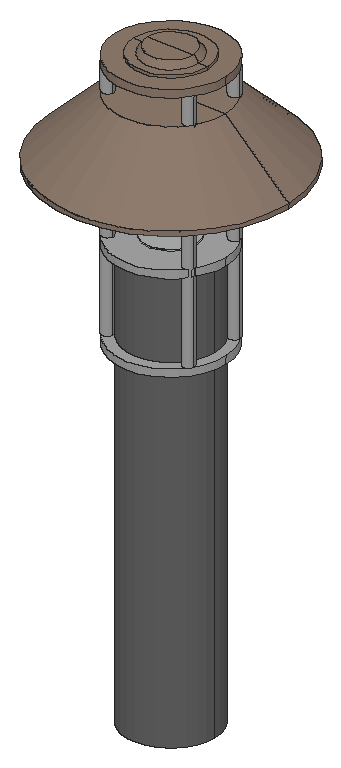
Revit family "SPB", category Lighting Fixtures, host Face, Revit 2014
Parameters (values of type "SPB")
  Width = 7 1/2"
  Wattage Comments = "42W"
  Wattage = 42 W
  built-in parameter 1150110 = 1 (stored number, unit not read)
  Voltage = 120 V
  URL = "https://www.hubbell.com/architecturalarealighting/en/"
  Type Comments = "Lighting Fixture"  # constant formula
  built-in parameter 1114217 = 1 (stored number, unit not read)
  Tilt Angle = -90.00°
  built-in parameter 1150109 = 1 (stored number, unit not read)
  built-in parameter 1150134 = 3
  built-in parameter 1150113 = 1 (stored number, unit not read)
  Frame Material = Metal-Hubbell-Gray
  Copyrights = "Copyright © 2020 Hubbell"  # constant formula
  Contact Us = "https://www.hubbell.com/architecturalarealighting/en/contactUs"
  Body Material = Paint - Hubbell - Carbon Black
  Shaft Height = 42"
  Series = "Spectra Bollard"  # constant formula
  Product Page URL = "https://www.hubbell.com/architecturalarealighting/en/Products/Lighting-Controls/Commercial-Outdoor-Lighting/Bollards/Spectra-Bollard/p/220615"
  Product Documentation Link = "https://hubbellcdn.com/specsheet/aal_spb_spec.pdf"
  Power Factor = 1  # constant formula
  Photometric Web Link = "https://www.hubbell.com/architecturalarealighting/en/Products/Lighting-Controls/Commercial-Outdoor-Lighting/Bollards/Spectra-Bollard/p/220615#prod-photometry-section"
  Photometric Web File = "SPB.IES"
  Photometric Notes = "More IES files download on Photometric Web Link"  # constant formula
  OmniClass Title = "Lighting Bollard"  # constant formula
  OmniClass Number = "23.80.70.14.11.11"  # constant formula
  Number of Poles = 1
  Model = "SPB"  # constant formula
  MasterFormat Title = "Parking Lighting, Roadway Lighting, Site Lighting"  # constant formula
  Manufacturer = "Architectural Area Lighting"  # constant formula
  built-in parameter 1150105 = 59.659 (stored number, unit not read)
  Lumens = 749.7 lm
  built-in parameter 1150115 = 1 (stored number, unit not read)
  Load Classification = Lighting
  built-in parameter 1150137 = (empty or 0)
  built-in parameter 1150139 = (empty or 0)
  built-in parameter 1150112 = 1 (stored number, unit not read)
  built-in parameter 1150114 = 1 (stored number, unit not read)
  Lamp = "LED/COMPACT FLUORESCENT/METAL HALIDE/HIGH PRESSURE SODIUM"  # constant formula
  built-in parameter 1150132 = (empty or 0)
  built-in parameter 1150102 = (empty or 0)
  built-in parameter 1150107 = 3200 (stored number, unit not read)
  built-in parameter 1150138 = (empty or 0)
  built-in parameter 1150106 = 0.59659 (stored number, unit not read)
  Grille material = Metal-Hubbell-Bronze
  Glass Material = Glass-Kim Lighting-Clear
  Emit from Circle Diameter = 6"  # constant formula
  Emit Shape Visible in Rendering = no
  built-in parameter 1150104 = 1.6583 (stored number, unit not read)
  Dimming Lamp Color Temperature Shift = <None>
  Description = "Architectural Outdoor Lighting"  # constant formula
  Default Elevation = 0"
  Color Filter = 16777215
  built-in parameter 1114218 = 1 (stored number, unit not read)
  built-in parameter 1150133 = 10 (stored number, unit not read)
  Assembly Code = "D5020200"
  Apparent Load = 42 VA
Reference planes (in)
  plane 1 "Center (Front/Back)": y = 0
  plane 2: z = 0
  plane 3 "Center (Left/Right)": x = 0.25
  plane 4 "Top of Shaft": z = 42
  plane 5 "Left": x = -7.75
  plane 6 "Right": x = 8.25
  plane 7: x = -7
  plane 8: x = 7.5
  plane 9 "Back": y = 3.75
  plane 10 "Front": y = -3.75
  plane 11: z = 40
  plane 12: z = 34
  plane 13: z = 39
  plane 14: z = 35
  plane 15: x = -3.5
  plane 16: x = 4
Forms (in)
  Extrusion 1, solid, material "Metal-Hubbell-Bronze" <- "Grille material"
    sketch origin (0, 0, 42.5) x (-1, 0, 0) y (0, -1, 0)
      loop
        circle (-0.25, 0) r 3.75
    from -2.5 to -2
  Extrusion 2, solid, material "Paint - Hubbell - Carbon Black" <- "Body Material"
    sketch origin (0, 0, 42.5) x (-1, 0, 0) y (0, -1, 0)
      loop
        circle (-0.25, 0) r 3
    from -42.5 to -13.5
  Extrusion 3, solid, material "Metal-Hubbell-Gray" <- "Frame Material"
    sketch origin (0, 0, 25.5) x (-1, 0, 0) y (0, -1, 0)
      loop
        circle (-0.25, 0) r 3.75
    from -2.5 to -2
  Extrusion 4, solid, material "Metal-Hubbell-Gray" <- "Frame Material"
    sketch origin (0, 0, 31.5) x (-1, 0, 0) y (0, -1, 0)
      loop
        circle (-0.25, 0) r 3.75
    from -2.5 to -2
  Extrusion 5, solid, material "Metal-Hubbell-Gray" <- "Frame Material"
    sketch origin (0, 0, 42.5) x (-1, 0, 0) y (0, -1, 0)
      loop
        circle (2.50508, -1.9463) r 0.375
      loop
        circle (-3.00508, -1.9463) r 0.375
      loop
        circle (2.50508, 1.9463) r 0.375
      loop
        circle (-3.00508, 1.9463) r 0.375
    from -19 to -2.5
  Revolve 6, solid, material "Metal-Hubbell-Bronze" <- "Grille material"
    sketch origin (0, 0, -0.75) x (1, 0, 0) y (0, 0, 1)
      loop
        line (0.25, 39) -> (0.25, 38.79596) -> (4, 38.79596) -> (8.03125, 35.00184) -> (8.03125, 34.70221) -> (8.25, 34.70221) -> (8.25, 35) -> (4, 39) -> (0.25, 39)
      axis (0.25, 39) -> (0.25, 34.70221)
    angle from 0 to 360
  Revolve 7, solid, material "Glass-Kim Lighting-Clear" <- "Glass Material"
    sketch origin (0, 0, 0) x (1, 0, 0) y (0, 0, 1)
      loop
        line (0.25, 29.5) -> (2, 29.5) -> (2, 29.61644) -> (1.06492, 31.30337) -> (1.5, 31.30337) -> (1.5, 31.43693) -> (0.25, 31.43693) -> (0.25, 29.5)
      loop
        line (0.25, 31.49101) -> (1.25, 31.49101)
        arc (1.25, 31.49101) -> (1.5, 31.74101) -> (1.25, 31.99101) r 0.25
        arc (1.25, 31.99101) -> (1.5, 32.24101) -> (1.25, 32.49101) r 0.25
        arc (1.25, 32.49101) -> (1.5, 32.74101) -> (1.25, 32.99101) r 0.25
        arc (1.25, 32.99101) -> (1.5, 33.24101) -> (1.25, 33.49101) r 0.25
        arc (1.25, 33.49101) -> (1.5, 33.74101) -> (1.25, 33.99101) r 0.25
        arc (1.25, 33.99101) -> (1.5, 34.24101) -> (1.25, 34.49101) r 0.25
        arc (1.25, 34.49101) -> (1.5, 34.74101) -> (1.25, 34.99101) r 0.25
        arc (1.25, 34.99101) -> (1.5, 35.24101) -> (1.25, 35.49101) r 0.25
        arc (1.25, 35.49101) -> (1.5, 35.74101) -> (1.25, 35.99101) r 0.25
        arc (1.25, 35.99101) -> (1.5, 36.24101) -> (1.25, 36.49101) r 0.25
        arc (1.25, 36.49101) -> (1.5, 36.74101) -> (1.25, 36.99101) r 0.25
        arc (1.25, 36.99101) -> (1.5, 37.24101) -> (1.25, 37.49101) r 0.25
        arc (1.25, 37.49101) -> (1.5, 37.74101) -> (1.25, 37.99101) r 0.25
        line (1.25, 37.99101) -> (0.25, 37.99101) -> (0.25, 31.49101)
      axis (0.25, 37.99101) -> (0.25, 29.5)
    angle from 0 to 360
  Revolve 8, solid, material "Metal-Hubbell-Bronze" <- "Grille material"
    sketch origin (0, 0, 0) x (1, 0, 0) y (0, 0, 1)
      loop
        line (0.25, 38.24101) -> (2.41107, 40) -> (0.25, 40) -> (0.25, 38.24101)
      loop
        line (0.25, 40.5) -> (2.75, 40.5) -> (2.75, 40.66292) -> (2.12069, 40.66292) -> (1.80603, 41.05149) -> (0.25, 41.05149) -> (0.25, 40.5)
      axis (0.25, 41.05149) -> (0.25, 38.24101)
    angle from 0 to 360
Dimensions and locks (in)
  equal spacing: plane 5 "Left", plane 3 "Center (Left/Right)", plane 6 "Right"
  plane 5 "Left" to plane 6 "Right" = 16"  (x2)
  "Shaft Height": plane 4 "Top of Shaft" to plane 2
  equal spacing: plane 7, plane 3 "Center (Left/Right)", plane 8
  plane 7 to plane 8 = 14 1/2"
  plane 4 "Top of Shaft" to plane 11 = 2"
  plane 11 to plane 12 = 6"
  plane 4 "Top of Shaft" to plane 2 = 42"
  plane 11 to plane 2 = 40"
  plane 12 to plane 2 = 34"
  locked: plane 14 to plane 12 at 1
  locked: plane 11 to plane 13 at 1
  plane 9 "Back" to plane 10 "Front" = 7 1/2"
  equal spacing: plane 9 "Back", plane 1 "Center (Front/Back)", plane 10 "Front"
  plane 15 to plane 16 = 7 1/2"
  aligned and locked: plane 2 to host face
  aligned and locked: level to host face
  aligned and locked: plane 1 "Center (Front/Back)" to imposter light
  aligned and locked: imposter light to plane 3 "Center (Left/Right)"
  aligned and locked: imposter light to plane 11
Automatic sketch dimensions
  host sketch curve to host sketch curve = 96"  (x2)
  plane 1 "Center (Front/Back)" to Extrusion 1 sketch curve = 0"
  Extrusion 1 sketch curve to plane 3 "Center (Left/Right)" = 0"
  plane 1 "Center (Front/Back)" to Extrusion 2 sketch curve = 0"
  Extrusion 2 sketch curve to plane 3 "Center (Left/Right)" = 0"
  plane 1 "Center (Front/Back)" to Extrusion 3 sketch curve = 0"
  Extrusion 3 sketch curve to plane 3 "Center (Left/Right)" = 0"
  plane 1 "Center (Front/Back)" to Extrusion 4 sketch curve = 0"
  Extrusion 4 sketch curve to plane 3 "Center (Left/Right)" = 0"
  Extrusion 5 sketch curve to plane 16 = 0.99492"  (x2)
  plane 15 to Extrusion 5 sketch curve = 0.99492"  (x2)
  Extrusion 5 sketch curve to plane 9 "Back" = 1.8037"  (x2)
  plane 10 "Front" to Extrusion 5 sketch curve = 1.8037"  (x2)
  Revolve 6 sketch curve to plane 3 "Center (Left/Right)" = 0"  (x2)
  Revolve 6 sketch curve to plane 16 = 0"
  plane 16 to Revolve 6 sketch curve = 0"
  plane 6 "Right" to Revolve 6 sketch curve = 0"
  plane 6 "Right" to Revolve 6 sketch curve = 7/32"
  Revolve 6 sketch curve to plane 12 = 0.04779"
  Revolve 6 sketch curve to plane 13 = 0.95404"
  Revolve 6 sketch curve to Revolve 6 sketch curve = 0.20404"
  level to Revolve 6 sketch curve = 9 1/4"
  plane 4 "Top of Shaft" to Revolve 6 sketch curve = 12 1/4"
  Revolve 6 sketch curve to Revolve 6 sketch curve = 0.29963"
  Revolve 6 sketch curve to Revolve 6 sketch curve = 0.29779"
  Revolve 7 sketch curve to plane 3 "Center (Left/Right)" = 0"  (x3)
  plane 3 "Center (Left/Right)" to Revolve 7 sketch curve = 0.81492"
  plane 3 "Center (Left/Right)" to Revolve 7 sketch curve = 1"  (x2)
  Revolve 7 sketch curve to Revolve 7 sketch curve = 0"  (x21)
  Revolve 7 sketch curve to Revolve 7 sketch curve = 0.18508"
  Revolve 7 sketch curve to Revolve 7 sketch curve = 1/4"  (x4)
  Revolve 7 sketch curve to Revolve 7 sketch curve = 1 3/4"
  Revolve 7 sketch curve to plane 12 = 4 1/2"
  Revolve 7 sketch curve to Revolve 7 sketch curve = 0.11644"
  Revolve 7 sketch curve to Revolve 7 sketch curve = 1.68693"
  Revolve 7 sketch curve to Revolve 7 sketch curve = 0.13356"
  Revolve 7 sketch curve to Revolve 7 sketch curve = 0.05409"
  Revolve 7 sketch curve to Revolve 7 sketch curve = 1/2"  (x7)
  Revolve 7 sketch curve to plane 12 = 0.25899"
  plane 12 to Revolve 7 sketch curve = 0.24101"
  Revolve 7 sketch curve to plane 14 = 0.25899"
  plane 14 to Revolve 7 sketch curve = 0.24101"
  Revolve 7 sketch curve to level = 19.42928"
  plane 4 "Top of Shaft" to Revolve 7 sketch curve = 33.85205"
  Revolve 8 sketch curve to plane 3 "Center (Left/Right)" = 0"  (x3)
  Revolve 8 sketch curve to plane 11 = 0"
  plane 3 "Center (Left/Right)" to Revolve 8 sketch curve = 1.55603"
  plane 11 to Revolve 8 sketch curve = 0.66292"
  Revolve 8 sketch curve to Revolve 8 sketch curve = 0.31466"
  Revolve 8 sketch curve to Revolve 8 sketch curve = 0.29038"
  Revolve 8 sketch curve to Revolve 8 sketch curve = 0.62931"
  Revolve 8 sketch curve to plane 13 = 0.75899"
  Revolve 8 sketch curve to Revolve 8 sketch curve = 0.16292"
  Revolve 8 sketch curve to Revolve 8 sketch curve = 0.38857"
  Revolve 8 sketch curve to plane 12 = 3 1/2"
  plane 4 "Top of Shaft" to Revolve 8 sketch curve = 1 1/2"
  radius of Extrusion 1 sketch curve = 3 3/4"
  radius of Extrusion 2 sketch curve = 3"
  radius of Extrusion 3 sketch curve = 3 3/4"
  radius of Extrusion 4 sketch curve = 3 3/4"
  radius of Extrusion 5 sketch curve = 3/8"  (x4)
Connectors (in)
  electrical at (0.25, 0, 0), driven by "Apparent Load", driven by "Voltage"
    settings: on Extrusion 2, index 1, voltage 120 V, apparent load 42 VA, apparent load phase1 0 VA, apparent load phase2 0 VA, apparent load phase3 0 VA, power factor 1, load classification "Other", number of poles 1, system type 30, power factor state 1, is connector primary yes, connector utility no, sub classification motor no, connector description "Light Fixture Connector"
